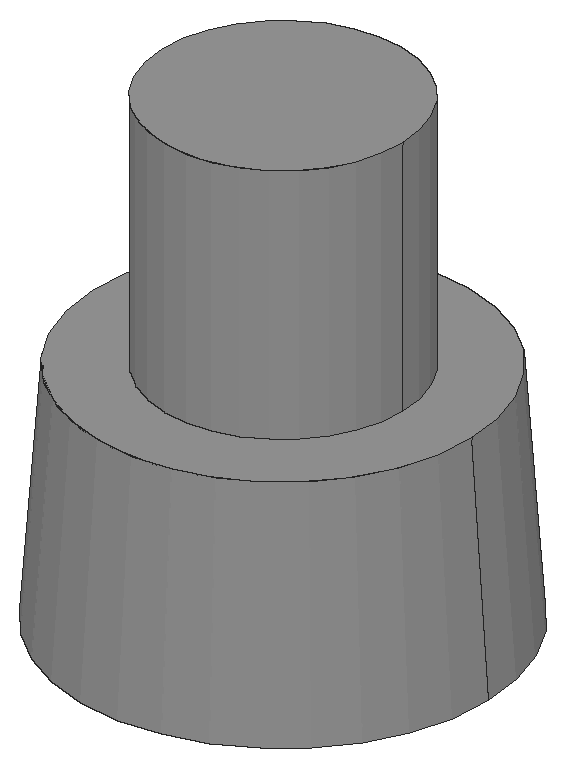
Revit family "EV_WATER STOP ADAPT_9372795", category Modelos genéricos, Revit 2018
Family settings
  Puede alojar armadura = No
  Cota de conector redondo = Diámetro de uso
  Tipo de pieza = Normal
  Número OmniClass = 35.51.14.00
  Título OmniClass = FORMWORK
  Se basa en plano de trabajo = Sí
  Siempre vertical = No
  Corte con vacíos al cargar = No
  Compartido = Sí
  Punto de cálculo de habitación = No
Parameters
  VERSION = "20170217"  # constant formula
  URL = "www.ulmaconstruction.com/en"
  UNICLASS = ""
  Fabricante = "ULMA CONSTRUCTION"  # constant formula
  ITEM_CODE = "9372795"
  FILTER [instance] = ""
  Default Elevation = 0.000 mm
  CLASSIFICATION_TITLE = ""
  CLASSIFICATION_NUMBER = ""
Reference planes
  plane 1 "Centro (Frontal/Posterior)": y = 0
  plane 2: z = 0
  plane 3 "Centro (Izquierda/Derecha)": x = 0
Forms (mm)
  Blend 1, solid, material "ULMA POLYPROPYLENE BLACK", detail levels medium+fine
    base sketch origin (0, 0, 0) x (1, 0, 0) y (0, 1, 0)
      loop
        circle (0, 0) r 17.987
    top sketch origin (0, 0, 0) x (1, 0, 0) y (0, 1, 0)
      loop
        circle (0, 0) r 16.5
    from -15 to 5
  Extrusion 2, solid, material "ULMA POLYPROPYLENE BLACK", detail levels medium+fine
    sketch origin (0, 0, 0) x (1, 0, 0) y (0, 1, 0)
      loop
        circle (0, 0) r 10.5
    from 5 to 26
Lines and regions (mm)
  model lines, style "ULMA CONSUMABLES", detail levels medium+fine
    curve 1: line (13.623, 9.309, -15) -> (10.636, 7.584, -15)
    curve 2: line (11.258, 6.5, -15) -> (10.636, 7.584, -15)
    curve 3: line (11.886, 5.419, -15) -> (11.258, 6.5, -15)
    curve 4: line (14.873, 7.144, -15) -> (11.886, 5.419, -15)
    curve 5: line (14.873, -7.144, -15) -> (11.886, -5.419, -15)
    curve 6: line (11.258, -6.5, -15) -> (11.886, -5.419, -15)
    curve 7: line (10.636, -7.584, -15) -> (11.258, -6.5, -15)
    curve 8: line (13.623, -9.309, -15) -> (10.636, -7.584, -15)
    curve 9: line (1.25, -16.453, -15) -> (1.25, -13.003, -15)
    curve 10: line (0, -13, -15) -> (1.25, -13.003, -15)
    curve 11: line (-1.25, -13.003, -15) -> (0, -13, -15)
    curve 12: line (-1.25, -16.453, -15) -> (-1.25, -13.003, -15)
    curve 13: line (-13.623, -9.309, -15) -> (-10.636, -7.584, -15)
    curve 14: line (-11.258, -6.5, -15) -> (-10.636, -7.584, -15)
    curve 15: line (-11.886, -5.419, -15) -> (-11.258, -6.5, -15)
    curve 16: line (-14.873, -7.144, -15) -> (-11.886, -5.419, -15)
    curve 17: line (-14.873, 7.144, -15) -> (-11.886, 5.419, -15)
    curve 18: line (-11.258, 6.5, -15) -> (-11.886, 5.419, -15)
    curve 19: line (-10.636, 7.584, -15) -> (-11.258, 6.5, -15)
    curve 20: line (-13.623, 9.309, -15) -> (-10.636, 7.584, -15)
    curve 21: line (-1.25, 16.453, -15) -> (-1.25, 13.003, -15)
    curve 22: line (0, 13, -15) -> (-1.25, 13.003, -15)
    curve 23: line (1.25, 13.003, -15) -> (0, 13, -15)
    curve 24: line (1.25, 16.453, -15) -> (1.25, 13.003, -15)
    curve 25: arc (1.25, 16.453, -15) -> (8.25, 14.289, -15) -> (13.623, 9.309, -15) r 16.5
    curve 26: arc (14.873, 7.144, -15) -> (16.5, 0, -15) -> (14.873, -7.144, -15) r 16.5
    curve 27: arc (13.623, -9.309, -15) -> (8.25, -14.289, -15) -> (1.25, -16.453, -15) r 16.5
    curve 28: arc (-1.25, -16.453, -15) -> (-8.25, -14.289, -15) -> (-13.623, -9.309, -15) r 16.5
    curve 29: arc (-14.873, -7.144, -15) -> (-16.5, 0, -15) -> (-14.873, 7.144, -15) r 16.5
    curve 30: arc (-13.623, 9.309, -15) -> (-8.25, 14.289, -15) -> (-1.25, 16.453, -15) r 16.5
    curve 31: circle (0, 0, 26) r 8.5 normal (0, 0, 1)
Dimensions and locks
  aligned and locked: level to plane 2
